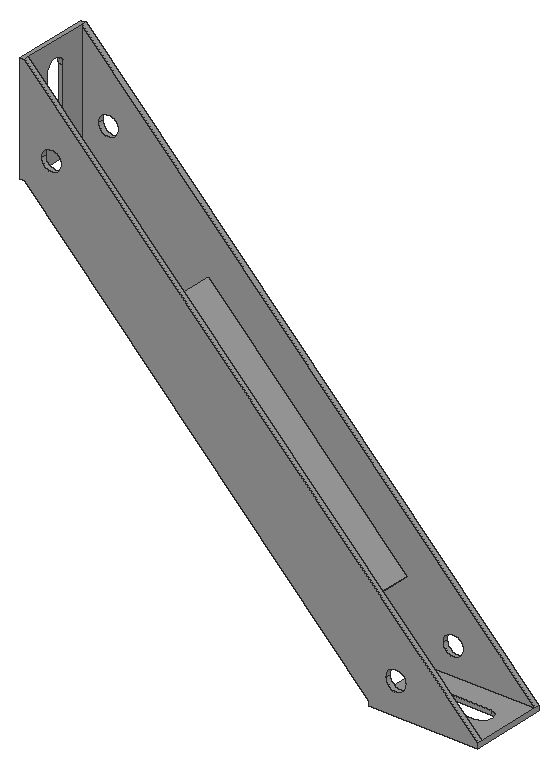
Revit family "HVAC_HangingSystems_Walraven_BIS_Rail_Prop_(BUP1000)", category Mechanical Equipment, Revit 2016
Family settings
  Part Type = Normal
  Round Connector Dimension = Use Diameter
  OmniClass Number = 23.60.30.11.17
  OmniClass Title = Pipework/Ductwork Mechanical Fasteners/Supports
  Work Plane-Based = Yes
  Always vertical = No
  Cut with Voids When Loaded = No
  Shared = No
  Room Calculation Point = No
Parameters (values of type "std")
  type_index = 1
  s [instance] = 3 mm  # constant formula
  region_index = 1  # constant formula
  product_index [instance] = 1  # constant formula
  offset_plate [instance] = 82.5 mm  # constant formula
  offset_d [instance] = 20.5 mm  # constant formula
  dh1 [instance] = 50 mm  # constant formula
  desc_uk [instance] = "BIS Rail Prop (BUP1000)"  # constant formula
  desc_nl [instance] = "BIS Railschoor (BUP1000)"  # constant formula
  db1 [instance] = 13 mm  # constant formula
  d1 [instance] = 13 mm  # constant formula
  Youtube clip = ""
  Weight Net (Kg) = "0.95"
  Uniformat II Description = ""
  Uniformat II Code = ""
  Uniclass 2015 Name = ""
  Uniclass 2015 Code = ""
  Uniclass 2.0 Description = ""
  Uniclass 2.0 Code = ""
  Uniclass 1.4 Description = ""
  Uniclass 1.4 Code = ""
  URL = "https://www.walraven.com/en/?pid=2301"
  UNSPSC Code = ""
  Technical description = "https://library.walraven.com/repository/rnd/documents/EN-UK/BIS%20Rail%20Prop%20(BUP1000)%20-%20H%2016%2005%20(EN-UK).pdf"
  Region South America = "None"
  Region Oceania = "AU"
  Region North America = "US"
  Region Middle East = "AE, OM, QA, SA"
  Region Europe = "BE, CZ, DE, DK, ES, FR, GB, HR, HU, LT, LV, NL, PL, RO, RU, SE, SK, UA"
  Region Asia = "CN, IN"
  Region Antarctica = "None"
  Region Africa = "ZA"
  RSen_S_net_weight = 0.95 kg  # constant formula
  RSen_C_product_description [instance] = if(region_index = 1, desc_uk, if(region_index = 2, desc_nl, "0"))  # "BIS Rail Prop (BUP1000)"
  RSen_C_level_of_development = "LOD400"  # constant formula
  RSen_C_material_colour = "grey"  # constant formula
  RSen_C_material_finish = "BIS UltraProtect® 1000"  # constant formula
  RSen_C_material = steel
  RSen_C_length [instance] = L  # 295 mm
  RSen_C_height [instance] = H  # 295 mm
  RSen_C_angle [instance] = 45.00°  # constant formula
  RSen_C_content_releasedate = "15-01-2019"  # constant formula
  RSen_C_content_modification_date = "04-02-2019"  # constant formula
  RSen_C_content_creator = "Itannex bv"  # constant formula
  RSen_C_code_gtin [instance] = ""
  RSen_C_code_manufacturer_product [instance] = "66288530"  # constant formula
  RSen_C_code_manufacturer_gln = ""
  RSen_C_code_ETIM_url = "https://prod.etim-international.com/Class/Details?classId=EC000483&classVersion=5"
  RSen_C_code_ETIM = "EC000483"  # constant formula
  RSen_C_intended_use = "hanging systems"  # constant formula
  RSen_C_certificates = "N/A"  # constant formula
  RSen_C_width [instance] = B  # 49 mm
  QR code = "http://bimobject.com/walraven/product/bis-rail-prop-bup1000"
  Product url = "https://www.walraven.com/en/?pid=2301"
  Product group = "Rail Connectors"
  Product family = "Rail Systems"
  Product data url = "https://bimobject.com/walraven/product/bis-rail-prop-bup1000"
  Product certification = ""
  Product SKU = "bis-rail-prop-bup1000"
  Product Guid = "73d73b40-f558-425d-9aae-4038e3c6c77b"
  OmniClass Description = "Mechanical Pipe Supports"
  OmniClass Code = "23-27 43 13"
  Nominal width = 49 mm
  Nominal height = 295 mm
  NBS Reference Description = ""
  NBS Reference Code = ""
  Model = "BIS Rail Prop (BUP1000)"  # constant formula
  Material secondary = ""
  Material main = "Steel"
  Masterformat 2014 Description = ""
  Masterformat 2014 Code = ""
  Manufacturer name = "Walraven"
  Manufacturer country = "Czech Republic"
  Manufacturer = "Walraven"  # constant formula
  L1 [instance] = 70 mm  # constant formula
  L [instance] = 295 mm  # constant formula
  IsCustom [instance] = 0 = 1  # no
  Installation instructions = ""
  IfcExportType = "USERDEFINED"  # constant formula
  IfcExportAs = "IfcMechanicalFastenerType"  # constant formula
  IfcDescription = Description  # "45º support bracket"
  IFC Classification = "Mechanical Fastener"
  H1 [instance] = 70 mm  # constant formula
  H [instance] = 295 mm  # constant formula
  GTIN code = ""
  Edition number = 0
  Design country = "Czech Republic"
  Description = "45º support bracket"  # constant formula
  Default Elevation = 1219.2 mm
  Date of publishing = ""
  COBIe Type Category = ""
  Brand url = "https://www.walraven.com"
  BIMobject main category code = "hvac"
  BIMobject main category = "HVAC"
  BIMobject category code = "hvac-hanging-systems"
  BIMobject category = "Hanging Systems"
  B [instance] = 49 mm  # constant formula
  Assembly Code = "50"
Reference planes
  plane 1 "Center (Front/Back)": y = 0
  plane 2: z = 0
  plane 3 "Center (Left/Right)": x = 0
  plane 4: z = 295
  plane 5: x = 295
  plane 6: x = 3
  plane 7: y = 24.5
  plane 8: y = -24.5
  plane 9: z = 3
Forms (mm)
  Extrusion 1, solid, material "steel" <- "RSen_C_material", detail levels medium+fine
    sketch origin (0, 0, 0) x (0, 1, 0) y (0, 0, 1)
      loop
        line (24.5, 295) -> (-24.5, 295) -> (-24.5, 225) -> (24.5, 225) -> (24.5, 295)
    from 0 to 3
  Extrusion 2, solid, material "steel" <- "RSen_C_material", detail levels medium+fine
    sketch origin (-197.314, -1524, 295) x (-1, 0, 0) y (0, -1, 0)
      loop
        line (-492.314, -1499.5) -> (-492.314, -1548.5) -> (-422.314, -1548.5) -> (-422.314, -1499.5) -> (-492.314, -1499.5)
    from -295 to -292
  Extrusion 3, solid, material "steel" <- "RSen_C_material", detail levels medium+fine
    sketch origin (0, 0, 0) x (1, 0, 0) y (0, 0, 1)
      loop
        line (3, 225) -> (225, 3) -> (295, 3) -> (3, 295) -> (3, 225)
    from -24.5 to 24.5
  Extrusion 4, void
    sketch origin (0, 0, 0) x (0, 1, 0) y (0, 0, 1)
      loop
        line (21.5, 295) -> (-21.5, 295) -> (-21.5, 3) -> (21.5, 3) -> (21.5, 295)
    from 3 to 295
  Extrusion 5, solid, material "steel" <- "RSen_C_material", detail levels medium+fine
    sketch origin (0, 0, 0) x (1, 0, 0) y (0, 0, 1)
      loop
        line (210.379, 47.876) -> (212.5, 49.997) -> (84.621, 177.876) -> (82.5, 175.755) -> (210.379, 47.876)
    from -21.5 to 21.5
  Extrusion 6, void
    sketch origin (0, 0, 0) x (0, 1, 0) y (0, 0, 1)
      loop
        line (6.5, 241.5) -> (6.5, 278.5)
        arc (6.5, 278.5) -> (0, 285) -> (-6.5, 278.5) r 6.5
        line (-6.5, 278.5) -> (-6.5, 241.5)
        arc (-6.5, 241.5) -> (0, 235) -> (6.5, 241.5) r 6.5
    from 0 to 3
  Extrusion 7, void
    sketch origin (0, 0, 0) x (1, 0, 0) y (0, 1, 0)
      loop
        arc (241.5, 6.5) -> (235, 0) -> (241.5, -6.5) r 6.5
        line (241.5, -6.5) -> (278.5, -6.5)
        arc (278.5, -6.5) -> (285, 0) -> (278.5, 6.5) r 6.5
        line (278.5, 6.5) -> (241.5, 6.5)
    from 0 to 3
  Extrusion 8, void
    sketch origin (0, 0, 0) x (1, 0, 0) y (0, 0, 1)
      loop
        circle (20.5, 242.5) r 6.5
      loop
        circle (242.5, 20.5) r 6.5
    from -24.5 to 24.5
Cuts and joins
  Extrusion 6 cuts Extrusion 1
  Extrusion 7 cuts Extrusion 2
  Extrusion 4, Extrusion 8 cuts Extrusion 3
  joined: Extrusion 1, Extrusion 2, Extrusion 3, Extrusion 5
Lines and regions (mm)
  reference lines
    curve 1: line (260, 0, 0) -> (0, 0, 260)
  model lines, style "Equipment", detail levels coarse+medium
    curve 2: line (260, 0, 0) -> (0, 0, 260)
Dimensions and locks
  "H": plane 4 to plane 2
  equal spacing: Extrusion 1 sketch curve, plane 1 "Center (Front/Back)", Extrusion 1 sketch curve
  "B": Extrusion 1 sketch curve to Extrusion 1 sketch curve
  "s": plane 6 to plane 3 "Center (Left/Right)"
  equal spacing: Extrusion 2 sketch curve, plane 1 "Center (Front/Back)", Extrusion 2 sketch curve
  "L1": Extrusion 2 sketch curve to plane 5
  "B": Extrusion 2 sketch curve to Extrusion 2 sketch curve
  "L": plane 5 to plane 3 "Center (Left/Right)"
  equal spacing: plane 7, plane 1 "Center (Front/Back)", plane 8
  "B": plane 7 to plane 8
  "s": plane 7 to Extrusion 4 sketch curve
  "s": Extrusion 4 sketch curve to plane 8
  "s": plane 7 to Extrusion 5
  "s": Extrusion 5 to plane 8
  "s": plane 9 to plane 2
  "H1": plane 4 to Extrusion 1 sketch curve
  "L1": Extrusion 3 sketch curve to plane 5
  "H1": plane 4 to Extrusion 3 sketch curve
  "offset_plate": Extrusion 5 sketch curve to plane 5
  "offset_plate": Extrusion 5 sketch curve to plane 3 "Center (Left/Right)"
  equal spacing: Extrusion 6 sketch curve, plane 1 "Center (Front/Back)", Extrusion 6 sketch curve
  "db1": Extrusion 6 sketch curve to Extrusion 6 sketch curve
  locked: plane 4 to Extrusion 6 sketch curve at 10
  locked: plane 4 to Extrusion 6 sketch curve at 60
  equal spacing: Extrusion 7 sketch curve, plane 1 "Center (Front/Back)", Extrusion 7 sketch curve
  "db1": Extrusion 7 sketch curve to Extrusion 7 sketch curve
  locked: Extrusion 7 sketch curve to plane 5 at 10
  locked: Extrusion 7 sketch curve to plane 5 at 60
  "offset_d": Extrusion 8 sketch curve to plane 3 "Center (Left/Right)"
  equal spacing: cut or joined group of Extrusion 1, Extrusion 2, Extrusion 3, Extrusion 4, Extrusion 5, Extrusion 6, Extrusion 7, Extrusion 8, Extrusion 8 sketch curve, cut or joined group 1 (Extrusion 1, Extrusion 2, Extrusion 3, Extrusion 4, Extrusion 5, Extrusion 6, Extrusion 7, Extrusion 8)  (x2)
  equal spacing: plane 4, curve 1, cut or joined group 1
  equal spacing: cut or joined group 1, curve 1, plane 5
  "offset_d": Extrusion 8 sketch curve to plane 2
  "d1": diameter of Extrusion 8 sketch curve  (x2)
  aligned and locked: level to plane 2
  aligned and locked: Extrusion 1 to plane 3 "Center (Left/Right)"
  aligned and locked: Extrusion 1 to plane 6
  aligned and locked: Extrusion 3 sketch curve to plane 6
  aligned and locked: Extrusion 3 to Extrusion 1
  aligned and locked: Extrusion 1 to Extrusion 3
  aligned and locked: cut or joined group 1 to plane 8
  aligned and locked: plane 7 to cut or joined group 1
  aligned and locked: plane 6 to Extrusion 4
  aligned and locked: Extrusion 4 to plane 5
  aligned and locked: plane 9 to Extrusion 2
  aligned and locked: plane 5 to Extrusion 3 sketch curve
  aligned and locked: Extrusion 3 sketch curve to plane 9
  aligned and locked: plane 4 to Extrusion 3 sketch curve
  aligned and locked: plane 4 to Extrusion 4
  aligned and locked: Extrusion 4 to Extrusion 2
  aligned and locked: Extrusion 6 to plane 6
  aligned and locked: plane 9 to Extrusion 7
  aligned and locked: plane 7 to Extrusion 8
  aligned and locked: Extrusion 8 to plane 8
Automatic sketch dimensions
  curve 1 to plane 3 "Center (Left/Right)" = 0 mm
  curve 1 to level = 0 mm
  plane 5 to curve 1 = 35 mm
  curve 1 to plane 4 = 35 mm
  curve 2 to plane 3 "Center (Left/Right)" = 0 mm
  curve 2 to level = 0 mm
  plane 5 to curve 2 = 35 mm
  curve 2 to plane 4 = 35 mm
  Extrusion 1 sketch curve to plane 4 = 0 mm
  Extrusion 2 sketch curve to plane 5 = 0 mm
  Extrusion 4 sketch curve to plane 9 = 0 mm
  Extrusion 4 sketch curve to plane 4 = 0 mm
  Extrusion 5 sketch curve to Extrusion 5 sketch curve = 2.121 mm  (x2)
  plane 9 to Extrusion 5 sketch curve = 44.876 mm
